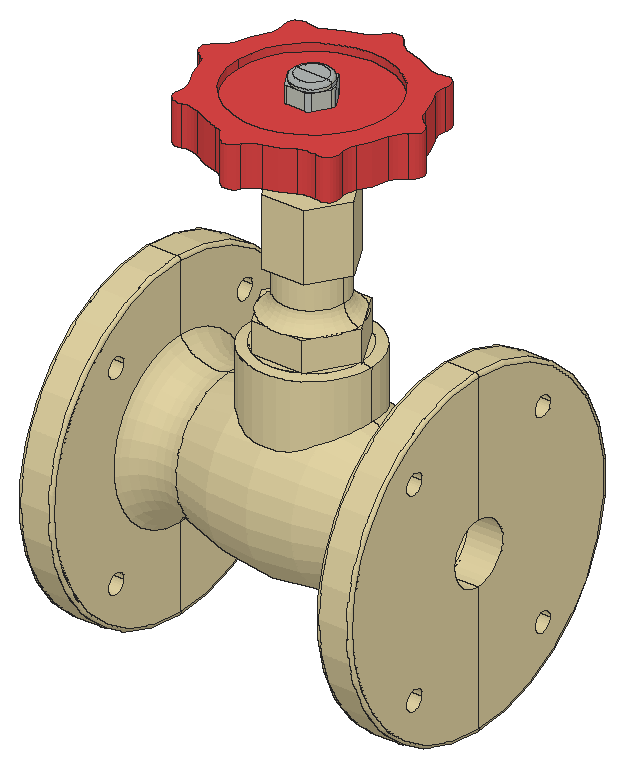
Revit family "DA04160000", category Apparecchi idraulici, Revit 2020
Family settings
  Quota connettore circolare = Usa diametro
  Tipo di parte = Normale
  Numero OmniClass = 23.45.00.00
  Titolo OmniClass = Sanitary, Laundry, and Cleaning Equipment
  Basato su piano di lavoro = No
  Sempre verticale = Sì
  Taglio con vuoti quando caricato = No
  Condiviso = No
  Punto di calcolo locali = No
Parameters
  URL = "https://web.cimberio.com/index.php/figura/9?subcategoria_id="
  Temperatura di esercizio = "-10 ÷ 170°C"
  Prospetto di default = 0 mm
  Produttore = "CIMBERIO SPA"
  Pressione nominale = "PN 16"
  Modello = "Cim *76PN16"
  Materiale = "Prodotto in lega di bronzo conforme alla norma EN 1982-CC491K"
  Descrizione = "Utilizzato nei più svariati settori dell’impiantistica ed in ogni applicazione industriale ed agricola dove è richiesta una regolazione: impianti di riscaldamento, idrici, igienico sanitari, aria compressa, reti di distribuzione vapore saturo, olii, benzine, petrolio ed altri idrocarburi e in generale con ogni fluido non corrosivo"
  DN Model [instance] = DA04173110 : DA04173110
  DN [instance] = 16 mm
  Commenti sul tipo = "Realizzato in ottemperanza ai requisiti gestionali della norma EN ISO 9001.\r\nCollaudato al 100% secondo la normativa EN 12266-1"
Reference planes
  plane 1 "Centro (Fronte/Retro)": y = 0
  plane 2: z = 0
  plane 3 "Centro (Sinistra/Destra)": x = 0
Dimensions and locks
  aligned and locked: level to plane 2
Nested families
  nested 1: "DA04173110" at (0, 0, 0), type <- "DN Model", type "DA04173110"
  nested 2: "DA04173110" at (0, 0, 0), type <- "DN Model", type "DA04173110"
  nested 3: "DA04173110" at (0, 0, 0), type <- "DN Model", type "DA04173110"
  nested 4: "DA04173110" at (0, 0, 0), type <- "DN Model", type "DA04173110"
  nested 5: "DA04173110" at (0, 0, 0), type <- "DN Model", type "DA04173110"
  nested 6: "DA04173110" at (0, 0, 0), type <- "DN Model", type "DA04173110"
  nested 7: "DA04173110" at (0, 0, 0), type <- "DN Model", type "DA04173110"
  nested 8: "DA04173110" at (0, 0, 0), type <- "DN Model", type "DA04173110"
  nested 9: "DA04173110" at (0, 0, 0), type <- "DN Model", type "DA04173110"
Connectors
  piping at (41.407, 0, 0), diameter 16, driven by "DN"
    settings: on nested 1, index 1, connector inside diameter 609.6 mm, connector length 0 mm, flow factor 0, pipe flow 0.0 L/s, pressure drop 0.0 Pa, fitting loss kfactor 0, connector angle 0.00°, fixture units 0, engagement length 0 mm, angle of deflection 0.00°, flow configuration 0, flow direction 0, fitting loss method 0, system type 7, joint type 0, gender type 0, connector reference index -1, connector utility 0, adjustable connector no, is connector primary yes, connector description ""
  piping at (-41.232, 0, 0), diameter 16, driven by "DN"
    settings: on nested 1, index 2, connector inside diameter 609.6 mm, connector length 0 mm, flow factor 0, pipe flow 0.0 L/s, pressure drop 0.0 Pa, fitting loss kfactor 0, connector angle 0.00°, fixture units 0, engagement length 0 mm, angle of deflection 0.00°, flow configuration 0, flow direction 0, fitting loss method 0, system type 7, joint type 0, gender type 0, connector reference index -1, connector utility 0, adjustable connector no, is connector primary no, connector description ""
Definition of nested family "DA04173110"
  Parameters (values of type "DA04173110")
    Default Elevation = 0 mm
  Reference planes
    plane 1 "Centro (Fronte/Retro)": y = 0
    plane 2: z = 0
    plane 3 "Centro (Sinistra/Destra)": x = 0
  Forms (mm)
    Revolve 1, solid
      sketch origin (0, 0, 0) x (1, 0, 0) y (0, 0, 1)
        loop
          line (33.343, -7.5) -> (-32.983, -7.5) -> (-32.983, -19.288)
          arc (-32.983, -19.288) -> (-27.734, -14.585) -> (-20.687, -14.614) r 9.811
          arc (-20.687, -14.614) -> (0, -18.5) -> (20.687, -14.614) r 57
          arc (20.687, -14.614) -> (28.136, -14.748) -> (33.343, -20.077) r 9.811
          line (33.343, -20.077) -> (33.343, -7.5)
        axis (-32.983, 2) -> (33.343, 2)
      angle from 0 to 360
    Revolve 2, solid
      sketch origin (0, 0, 0) x (1, 0, 0) y (0, 0, 1)
        loop
          line (-15, 4.172) -> (0, 4.172) -> (0, 32.573) -> (-12.5, 32.573) -> (-15, 32.132) -> (-15, 4.172)
        axis (0, 32.573) -> (0, 4.172)
      angle from 0 to 360
    Extrusion 3, solid
      sketch origin (0, 0, 0) x (0, -1, 0) y (1, 0, 0)
        loop
          line (0, 12.5) -> (-10.825, 6.25) -> (-10.825, -6.25) -> (0, -12.5) -> (10.825, -6.25) -> (10.825, 6.25) -> (0, 12.5)
      from 32.132 to 39.804
    Revolve 4, solid
      sketch origin (0, 0, 3.5) x (1, 0, 0) y (0, 0, 1)
        loop
          line (0, 47.5) -> (-7.95, 47.5) -> (-8.019, 40.572)
          arc (-8.019, 40.572) -> (-9.032, 37.961) -> (-11.29, 36.304) r 5
          line (-11.29, 36.304) -> (0, 36.304) -> (0, 47.5)
        axis (0, 47.5) -> (0, 36.304)
      angle from 0 to 360
    Extrusion 5, solid
      sketch origin (0, 0, 0) x (0, -1, 0) y (1, 0, 0)
        loop
          line (0, -10.4) -> (9.007, -5.2) -> (9.007, 5.2) -> (0, 10.4) -> (-9.007, 5.2) -> (-9.007, -5.2) -> (0, -10.4)
      from 51 to 67.5
    Revolve 6, solid
      sketch origin (0, 0, 12.019) x (1, 0, 0) y (0, 0, 1)
        loop
          line (-8.5, 67) -> (-8.5, 65.001)
          arc (-8.5, 65.001) -> (-8.353, 64.647) -> (-7.999, 64.5) r 0.501
          line (-7.999, 64.5) -> (-4, 64.5) -> (-4, 52.626) -> (0, 52.626) -> (0, 67) -> (-8.5, 67)
        axis (0, 67) -> (0, 52.626)
      angle from 0 to 360
    Extrusion 7, solid
      sketch origin (0, 0, 9.019) x (0.98263, 0.185575, 0) y (-0.185575, 0.98263, 0)
        loop
          spline (-12.624, 22.54) -> (-13.213, 22.77) -> (-13.791, 22.909) -> (-14.346, 22.954) -> (-14.868, 22.904) -> (-15.347, 22.761) -> (-15.773, 22.527) -> (-16.139, 22.206) -> (-16.438, 21.805) -> (-16.663, 21.332) -> (-16.81, 20.794) -> (-16.877, 20.204) -> (-16.863, 19.572)
          arc (-16.863, 19.572) -> (-17.081, 17.552) -> (-18.08, 15.783) r 5.029
          arc (-18.08, 15.783) -> (-20.241, 12.895) -> (-21.945, 9.716) r 24
          arc (-21.945, 9.716) -> (-23.126, 8.063) -> (-24.865, 7.011) r 5.029
          spline (-24.865, 7.011) -> (-25.444, 6.757) -> (-25.951, 6.447) -> (-26.375, 6.086) -> (-26.709, 5.682) -> (-26.946, 5.242) -> (-27.082, 4.775) -> (-27.114, 4.29) -> (-27.042, 3.795) -> (-26.866, 3.301) -> (-26.591, 2.817) -> (-26.221, 2.352) -> (-25.763, 1.916)
          arc (-25.763, 1.916) -> (-24.489, 0.333) -> (-23.945, -1.624) r 5.029
          arc (-23.945, -1.624) -> (-23.431, -5.195) -> (-22.388, -8.648) r 24
          arc (-22.388, -8.648) -> (-22.054, -10.652) -> (-22.54, -12.624) r 5.029
          spline (-22.54, -12.624) -> (-22.77, -13.213) -> (-22.909, -13.791) -> (-22.954, -14.346) -> (-22.904, -14.868) -> (-22.761, -15.347) -> (-22.527, -15.773) -> (-22.206, -16.139) -> (-21.805, -16.438) -> (-21.332, -16.663) -> (-20.794, -16.81) -> (-20.204, -16.877) -> (-19.572, -16.863)
          arc (-19.572, -16.863) -> (-17.552, -17.081) -> (-15.783, -18.08) r 5.029
          arc (-15.783, -18.08) -> (-12.895, -20.241) -> (-9.716, -21.945) r 24
          arc (-9.716, -21.945) -> (-8.081, -23.106) -> (-7.03, -24.813) r 5.029
          spline (-7.03, -24.813) -> (-6.779, -25.402) -> (-6.471, -25.918) -> (-6.111, -26.351) -> (-5.706, -26.693) -> (-5.265, -26.937) -> (-4.795, -27.079) -> (-4.307, -27.115) -> (-3.809, -27.045) -> (-3.312, -26.871) -> (-2.824, -26.595) -> (-2.356, -26.223) -> (-1.916, -25.763)
          arc (-1.916, -25.763) -> (-0.333, -24.489) -> (1.624, -23.945) r 5.029
          arc (1.624, -23.945) -> (5.195, -23.431) -> (8.648, -22.388) r 24
          arc (8.648, -22.388) -> (10.624, -22.053) -> (12.575, -22.516) r 5.029
          spline (12.575, -22.516) -> (13.172, -22.757) -> (13.759, -22.903) -> (14.323, -22.954) -> (14.854, -22.907) -> (15.341, -22.764) -> (15.773, -22.527) -> (16.144, -22.201) -> (16.445, -21.793) -> (16.671, -21.31) -> (16.816, -20.763) -> (16.879, -20.161) -> (16.858, -19.518)
          arc (16.858, -19.518) -> (17.089, -17.526) -> (18.08, -15.783) r 5.029
          arc (18.08, -15.783) -> (20.241, -12.895) -> (21.945, -9.716) r 24
          arc (21.945, -9.716) -> (23.106, -8.081) -> (24.813, -7.03) r 5.029
          spline (24.813, -7.03) -> (25.406, -6.777) -> (25.924, -6.466) -> (26.359, -6.103) -> (26.701, -5.694) -> (26.944, -5.249) -> (27.082, -4.775) -> (27.114, -4.283) -> (27.038, -3.781) -> (26.856, -3.281) -> (26.572, -2.791) -> (26.191, -2.321) -> (25.721, -1.881)
          arc (25.721, -1.881) -> (24.477, -0.309) -> (23.945, 1.624) r 5.029
          arc (23.945, 1.624) -> (23.431, 5.195) -> (22.388, 8.648) r 24
          arc (22.388, 8.648) -> (22.053, 10.624) -> (22.516, 12.575) r 5.029
          spline (22.516, 12.575) -> (22.757, 13.172) -> (22.903, 13.759) -> (22.954, 14.323) -> (22.907, 14.854) -> (22.764, 15.341) -> (22.527, 15.773) -> (22.201, 16.144) -> (21.793, 16.445) -> (21.31, 16.671) -> (20.763, 16.816) -> (20.161, 16.879) -> (19.518, 16.858)
          arc (19.518, 16.858) -> (17.526, 17.089) -> (15.783, 18.08) r 5.029
          arc (15.783, 18.08) -> (12.895, 20.241) -> (9.716, 21.945) r 24
          arc (9.716, 21.945) -> (8.063, 23.126) -> (7.011, 24.865) r 5.029
          spline (7.011, 24.865) -> (6.755, 25.448) -> (6.442, 25.957) -> (6.078, 26.383) -> (5.67, 26.717) -> (5.227, 26.953) -> (4.755, 27.086) -> (4.266, 27.113) -> (3.768, 27.035) -> (3.271, 26.852) -> (2.784, 26.568) -> (2.318, 26.188) -> (1.881, 25.721)
          arc (1.881, 25.721) -> (0.309, 24.477) -> (-1.624, 23.945) r 5.029
          arc (-1.624, 23.945) -> (-5.195, 23.431) -> (-8.648, 22.388) r 24
          arc (-8.648, 22.388) -> (-10.652, 22.054) -> (-12.624, 22.54) r 5.029
      from 70 to 79.915
    Extrusion 8, void
      sketch origin (0, 0, 9.019) x (1, 0, 0) y (0, 1, 0)
        loop
          circle (0, 0) r 18.5
      from 78 to 80.921
    Extrusion 9, solid
      sketch origin (0.001, 0, 9.019) x (0.934965, 0.354741, 0) y (-0.354741, 0.934965, 0)
        loop
          line (-1.377, 5.329) -> (-4.94, 2.419)
          arc (-4.94, 2.419) -> (-5.249, 1.991) -> (-5.302, 1.465) r 1.021
          line (-5.302, 1.465) -> (-4.565, -3.074)
          arc (-4.565, -3.074) -> (-4.349, -3.551) -> (-3.924, -3.858) r 1.012
          line (-3.924, -3.858) -> (0.37, -5.486)
          arc (0.37, -5.486) -> (0.9, -5.54) -> (1.387, -5.321) r 1.03
          line (1.387, -5.321) -> (4.931, -2.427)
          arc (4.931, -2.427) -> (5.246, -1.989) -> (5.3, -1.452) r 1.042
          line (5.3, -1.452) -> (4.567, 3.058)
          arc (4.567, 3.058) -> (4.346, 3.549) -> (3.909, 3.863) r 1.04
          line (3.909, 3.863) -> (-0.382, 5.491)
          arc (-0.382, 5.491) -> (-0.901, 5.543) -> (-1.377, 5.329) r 1.007
      from 78 to 82
    Revolve 10, solid
      sketch origin (0, 0, 8.525) x (1, 0, 0) y (0, 0, 1)
        loop
          line (0, 83.994) -> (0, 81.954) -> (4.75, 81.954) -> (4.75, 82.994)
          arc (4.75, 82.994) -> (4.457, 83.701) -> (3.75, 83.994) r 1
          line (3.75, 83.994) -> (0, 83.994)
        axis (0, 83.994) -> (0, 81.954)
      angle from 0 to 360
    Revolve 11, solid
      sketch origin (-6.732, 0, 0) x (1, 0, 0) y (0, 0, 1)
        loop
          line (-34.5, 39.192) -> (-34.5, 7.5) -> (-26, 7.5) -> (-26, 39.165)
          arc (-26, 39.165) -> (-26.244, 39.756) -> (-26.835, 40) r 0.835
          line (-26.835, 40) -> (-33.692, 40)
          arc (-33.692, 40) -> (-34.263, 39.763) -> (-34.5, 39.192) r 0.808
        axis (-34.5, 0) -> (-26, 0)
      angle from 0 to 360
    Revolve 12, solid
      sketch origin (6.907, 0, 0) x (-1, 0, 0) y (0, 0, 1)
        loop
          line (-34.5, 39.192) -> (-34.5, 7.5) -> (-26, 7.5) -> (-26, 39.165)
          arc (-26, 39.165) -> (-26.244, 39.756) -> (-26.835, 40) r 0.835
          line (-26.835, 40) -> (-33.692, 40)
          arc (-33.692, 40) -> (-34.263, 39.763) -> (-34.5, 39.192) r 0.808
        axis (-34.5, 0) -> (-26, 0)
      angle from 0 to 360
    Extrusion 13, void
      sketch origin (0, 0, 0) x (0, 1, 0) y (0, 0, 1)
        loop
          circle (20, 24.077) r 2.498
        loop
          circle (-20, 24.077) r 2.498
        loop
          circle (20, -24.077) r 2.498
        loop
          circle (-20, -24.077) r 2.498
      from -63.387 to 69.734
  Cuts and joins
    Extrusion 8 cuts Extrusion 7
    Extrusion 13 cuts Revolve 11
    Extrusion 13 cuts Revolve 12
  Dimensions and locks
    aligned and locked: level to plane 2
